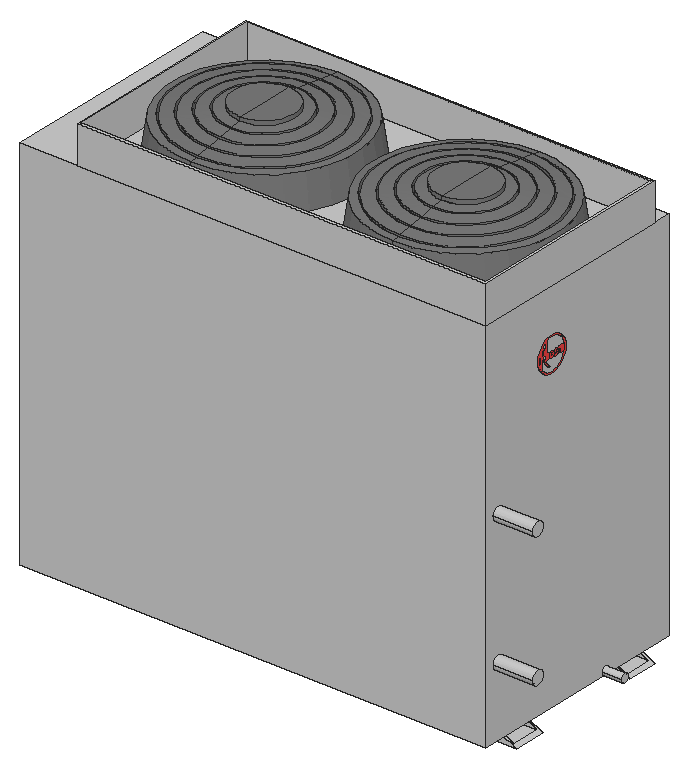
Revit family "Heat Pump-Rheem-A2W-16kW-Vertical A", category Mechanical Equipment, Revit 2016
Family settings
  Part Type = Normal
  Round Connector Dimension = Use Radius
  OmniClass Number = 23.75.10.21
  OmniClass Title = Heat Pumps
  Work Plane-Based = No
  Always vertical = Yes
  Cut with Voids When Loaded = No
  Shared = No
  Room Calculation Point = No
Parameters (values of type "95201600")
  calcRightFanOffset = if(Show Fan Frame, 256 mm, 255 mm)  # 256 mm
  calcLeftFanOffset = if(Show Fan Frame, 280 mm, 281 mm)  # 280 mm
  calcFanGuardDepth = if(Show Fan Frame, 117 mm, 27 mm)  # 117 mm
  Width_ANZRS = 565 mm  # constant formula
  Wattage_ANZRS = 16 kW  # constant formula
  Voltage_ANZRS = 230 V
  URL = "https://www.rheem.com.au/products/commercial/commercial-heat-pumps"
  Type Comments = ""
  SupportInsetSide = 68 mm  # constant formula
  Show Fan Frame = yes
  ProductCode_ANZRS = "95201600"
  PowerFactor_ANZRS = 1
  PipeInsetSide = 35 mm  # constant formula
  OutletPipeDiameter = 32 mm  # constant formula
  calcOutletPipeRad = if(1 = 1, OutletPipeDiameter / 2, 0 mm)  # 16 mm
  Model = "Rheem Commercial Air to Water Heat Pump – 16kW Vertical Discharge & Ducted"
  Material_ANZRS = Rheem-Steel-Grey
  Manufacturer = "Rheem"  # constant formula
  Length_ANZRS = 1155 mm  # constant formula
  InletPipeDiameter = 32 mm  # constant formula
  calcInletPipeRadius = if(1 = 1, InletPipeDiameter / 2, 0 mm)  # 16 mm
  Height_ANZRS = if(Show Fan Frame, 1102 mm, 1011 mm)  # 1102 mm
  Description = "Rheem's Commercial Air to Water (A2W) Heat Pump is designed with the commercial user in mind. A truly commercial grade heat pump that delivers hot water at 65°C with a system Coefficient of Performance (COP) up to 4.0. Ducted models are designed to be connected to ducting to convey cold discharge air away from the heat pump air inlet if a sufficient supply of heat energy is not available in the installation area."
  CreatedBy_ANZRS = "Design Content"  # constant formula
  CreatedByURL_ANZRS = "https://www.designcontent.com.au/"
  Assembly Code = ""
  ApparentLoad_ANZRS = Wattage_ANZRS  # 16 kW
Types (2, lengths in mm): name | calcRightFanOffset | calcLeftFanOffset | calcFanGuardDepth | Show Fan Frame | ProductCode_ANZRS | Model | Height_ANZRS | Description
  95301600 | 255 | 281 | 27 | no | "95301600" | "Rheem Commercial Air to Water Heat Pump – 16kW Vertical Discharge & Non Ducted" | 1011 | "Rheem's Commercial Air to Water (A2W) Heat Pump is designed with the commercial user in mind. A truly commercial grade heat pump that delivers hot water at 65°C with a system Coefficient of Performance (COP) up to 4.0. Non ducted models are generally designed for outdoor installations. Non ducted models may be installed indoors, without ducting, if a sufficient supply of heat energy is available."
  95201600 | 256 | 280 | 117 | yes | "95201600" | "Rheem Commercial Air to Water Heat Pump – 16kW Vertical Discharge & Ducted" | 1102 | "Rheem's Commercial Air to Water (A2W) Heat Pump is designed with the commercial user in mind. A truly commercial grade heat pump that delivers hot water at 65°C with a system Coefficient of Performance (COP) up to 4.0. Ducted models are designed to be connected to ducting to convey cold discharge air away from the heat pump air inlet if a sufficient supply of heat energy is not available in the installation area."
Reference planes
  plane 1 "Center (Front/Back)": y = 0
  plane 2: z = 0
  plane 3 "Center (Left/Right)": x = 0
  plane 4 "Back": y = 282.5
  plane 5 "Front": y = -282.5
  plane 6 "Left": x = -577.5
  plane 7 "Right": x = 577.5
  plane 8: z = 49
  plane 9 "HEIGHT": z = 984
  plane 10 "Inlet": z = 223.5
  plane 11 "Outlet": z = 553.5
  plane 12: y = 280.5
  plane 13: x = 524.5
  plane 14: x = -472.5
  plane 15: x = 677.5
  plane 16 "Pipe Connectors": y = -247.5
  plane 17: x = -434.5
  plane 18: y = -214.5
  plane 19: y = 214.5
  plane 20 "CompAccess1": y = 143.5
  plane 21 "CompAccess2": y = -228.5
  plane 22: z = 24.5
  plane 23: x = 627.5
  plane 24: x = 598.5
  plane 25: z = 1078
Forms (mm)
  Extrusion 1, solid, material "Rheem-Steel-Grey" <- "Material_ANZRS", detail levels medium+fine
    sketch origin (0, 0, 0) x (1, 0, 0) y (0, 1, 0)
      loop
        line (-577.5, 280.5) -> (-577.5, -282.5) -> (577.5, -282.5) -> (577.5, 280.5) -> (-577.5, 280.5)
    from 49 to 984
  Extrusion 2, solid, material "Rheem-Steel-Grey" <- "Material_ANZRS", detail levels medium+fine
    sketch origin (0, 0, 0) x (1, 0, 0) y (0, 0, 1)
      loop
        line (-577.5, 984) -> (-577.5, 49) -> (-14.281, 49) -> (577.5, 49) -> (577.5, 984) -> (-577.5, 984)
      loop
        line (-472.5, 69) -> (6, 69) -> (6, 964) -> (-472.5, 964) -> (-472.5, 69)
      loop
        line (524.5, 964) -> (46, 964) -> (46, 69) -> (524.5, 69) -> (524.5, 964)
    from -282.5 to -280.5
  Extrusion 3, solid, material "Rheem-Steel-Grey" <- "Material_ANZRS"
    sketch origin (0, 111.908, 381.979) x (0, -1, 0) y (0, 0, 1)
      loop
        circle (359.408, -158.479) r 16
      loop
        circle (359.408, 171.521) r 16
    from -577.5 to -677.5
  Extrusion 4, solid, material "Rheem-Steel-Grey" <- "Material_ANZRS", visible <- "Show Fan Frame"
    sketch origin (0, -623.5, 984) x (-1, 0, 0) y (0, -1, 0)
      loop
        line (434.5, -862) -> (434.5, -341) -> (-577.5, -341) -> (-577.5, -862) -> (434.5, -862)
      loop
        line (429.5, -857) -> (429.5, -346) -> (-572.5, -346) -> (-572.5, -857) -> (429.5, -857)
    from 0 to 94
  Extrusion 5, solid, material "Rheem-Steel-Grey" <- "Material_ANZRS", detail levels medium+fine
    sketch origin (0, 0, 0) x (1, 0, 0) y (0, 0, 1)
      loop
        line (-577.5, 5) -> (-602.5, 5) -> (-602.5, 0) -> (-572.5, 0) -> (-572.5, 19.5) -> (-502.5, 19.5) -> (-502.5, 0) -> (-472.5, 0) -> (-472.5, 5) -> (-497.5, 5) -> (-497.5, 24.5) -> (-577.5, 24.5) -> (-577.5, 5)
    from -214.5 to 214.5
  Extrusion 6, solid, material "Rheem-Steel-Grey-Perforated", detail levels medium+fine
    sketch origin (-575, 357.5, 0) x (1, 0, 0) y (0, 0, -1)
      loop
        line (1099.5, -964) -> (1099.5, -69) -> (621, -69) -> (621, -964) -> (1099.5, -964)
      loop
        line (102.5, -69) -> (102.5, -964) -> (581, -964) -> (581, -69) -> (102.5, -69)
    from -77 to -75
  Extrusion 7, solid, material "Rheem-Steel-Grey" <- "Material_ANZRS"
    sketch origin (577.5, 0, 0) x (0, -1, 0) y (0, 0, -1)
      loop
        circle (-84.5, -59) r 10
    from 0 to 50
  Extrusion 8, solid, detail levels medium+fine
    sketch origin (-577.5, 0, 0) x (0, -1, 0) y (0, 0, 1)
      loop
        circle (255.5, 703.5) r 15
      loop
        circle (255.5, 653.5) r 15
      loop
        circle (255.5, 603.5) r 15
      loop
        circle (255.5, 553.5) r 15
    from 0 to 5
  Extrusion 9, solid, material "Rheem-Steel-Grey" <- "Material_ANZRS", detail levels coarse
    sketch origin (0, 0, 984) x (-1, 0, 0) y (0, -1, 0)
      loop
        line (577.5, -282.5) -> (577.5, 282.5) -> (-577.5, 282.5) -> (-577.5, -282.5) -> (577.5, -282.5)
    from -984 to 0
  Extrusion 10, solid, material "Rheem-Steel-Grey" <- "Material_ANZRS", detail levels medium+fine
    sketch origin (0, 0, 0) x (0, 1, 0) y (0, 0, 1)
      loop
        line (239.5, 49) -> (209.5, 49) -> (209.5, 29.5) -> (139.481, 29.5) -> (139.481, 49) -> (109.395, 49) -> (109.395, 44) -> (134.395, 44) -> (134.395, 24.5) -> (214.5, 24.5) -> (214.5, 44) -> (239.5, 44) -> (239.5, 49)
      loop
        line (-109.395, 49) -> (-139.395, 49) -> (-139.395, 29.5) -> (-209.414, 29.5) -> (-209.414, 49) -> (-239.5, 49) -> (-239.5, 44) -> (-214.5, 44) -> (-214.5, 24.5) -> (-134.395, 24.5) -> (-134.395, 44) -> (-109.395, 44) -> (-109.395, 49)
    from -577.5 to 598.5
  Extrusion 11, void
    sketch origin (0, 0, 0) x (1, 0, 0) y (0, 0, 1)
      loop
        line (-577.5, 24.5) -> (-524.96, 49) -> (-577.5, 49) -> (-577.5, 24.5)
      loop
        line (598.5, 24.5) -> (598.5, 49) -> (545.96, 49) -> (598.5, 24.5)
    from -239.5 to 239.5
Cuts and joins
  Extrusion 11 cuts Extrusion 1
  Extrusion 11 cuts Extrusion 2
  joined: Extrusion 1, Extrusion 2
  Extrusion 11 cuts Extrusion 10
Lines and regions (mm)
  Split face 1
    outline origin (-577.5, 280.5, 984) x (0, 1, 0) y (0, 0, -1)
      loop
        line (-137, 1) -> (-137, 934) -> (-509, 934) -> (-509, 1) -> (-137, 1)
  Split face 2
    outline origin (577.5, 280.5, 49) x (0, 1, 0) y (0, 0, 1)
      loop
        line (-497, 934) -> (-497, 1) -> (-225, 1) -> (-225, 934) -> (-497, 934)
  model lines, style "Heat Pumps", detail levels medium+fine
    curve 1: line (-340, -282.5, 849) -> (340, -282.5, 849)
    curve 2: line (-340, -282.5, 599) -> (340, -282.5, 599)
    curve 3: line (-340, -282.5, 184) -> (340, -282.5, 184)
    curve 4: line (-340, -282.5, 434) -> (340, -282.5, 434)
    curve 5: line (-420, -282.5, 769) -> (-420, -282.5, 679)
    curve 6: line (420, -282.5, 769) -> (420, -282.5, 679)
    curve 7: line (-420, -282.5, 354) -> (-420, -282.5, 264)
    curve 8: line (420, -282.5, 354) -> (420, -282.5, 264)
    curve 9: arc (-420, -282.5, 769) -> (-396.569, -282.5, 825.569) -> (-340, -282.5, 849) r 80
    curve 10: arc (-420, -282.5, 679) -> (-396.569, -282.5, 622.431) -> (-340, -282.5, 599) r 80
    curve 11: arc (340, -282.5, 599) -> (396.569, -282.5, 622.431) -> (420, -282.5, 679) r 80
    curve 12: arc (420, -282.5, 769) -> (396.569, -282.5, 825.569) -> (340, -282.5, 849) r 80
    curve 13: arc (340, -282.5, 434) -> (396.569, -282.5, 410.569) -> (420, -282.5, 354) r 80
    curve 14: arc (420, -282.5, 264) -> (396.569, -282.5, 207.431) -> (340, -282.5, 184) r 80
    curve 15: arc (-340, -282.5, 184) -> (-396.569, -282.5, 207.431) -> (-420, -282.5, 264) r 80
    curve 16: arc (-420, -282.5, 354) -> (-396.569, -282.5, 410.569) -> (-340, -282.5, 434) r 80
Dimensions and locks
  equal spacing: plane 6 "Left", plane 3 "Center (Left/Right)", plane 7 "Right"
  equal spacing: plane 4 "Back", plane 1 "Center (Front/Back)", plane 5 "Front"
  "Width_ANZRS": plane 4 "Back" to plane 5 "Front"
  "Length_ANZRS": plane 6 "Left" to plane 7 "Right"
  locked: plane 10 "Inlet" to plane 22 at 199
  locked: plane 11 "Outlet" to plane 10 "Inlet" at 330
  locked: plane 4 "Back" to plane 12 at 2
  locked: plane 8 to Extrusion 2 sketch curve at 20
  locked: Extrusion 2 sketch curve to plane 9 "HEIGHT" at 20
  locked: plane 15 to plane 7 "Right" at 100
  plane 17 to plane 7 "Right" = 1012 mm
  locked: plane 7 "Right" to Extrusion 4 sketch curve at 5
  locked: Extrusion 4 sketch curve to plane 17 at 5
  "PipeInsetSide": plane 5 "Front" to plane 16 "Pipe Connectors"
  Extrusion 5 sketch curve to plane 6 "Left" to Extrusion 5 sketch curve to Extrusion 5 sketch curve to Extrusion 5 sketch curve to Extrusion 5 sketch curve = 25 mm locked, 5 mm locked, 70 mm locked, 5 mm locked, 25 mm locked
  Extrusion 5 sketch curve to Extrusion 5 sketch curve to plane 2 = 0 mm locked, 5 mm locked
  "SupportInsetSide": plane 5 "Front" to plane 18
  "SupportInsetSide": plane 19 to plane 4 "Back"
  locked: plane 9 "HEIGHT" to Split face 1 sketch curve at 1
  locked: Split face 1 sketch curve to plane 8 at 1
  equal spacing: plane 20 "CompAccess1", nested 1, plane 21 "CompAccess2"
  plane 20 "CompAccess1" to plane 21 "CompAccess2" to plane 5 "Front" = 372 mm locked, 54 mm locked
  locked: plane 13 to plane 7 "Right" at 53
  locked: plane 6 "Left" to plane 14 at 105
  locked: plane 9 "HEIGHT" to plane 8 at 935
  equal spacing: plane 8, plane 22, plane 2
  locked: plane 22 to Extrusion 5 sketch curve at 5
  locked: plane 5 "Front" to Split face 2 sketch curve at 66
  locked: Split face 2 sketch curve to plane 4 "Back" at 227
  locked: plane 9 "HEIGHT" to Split face 2 sketch curve at 1
  locked: Split face 2 sketch curve to plane 8 at 1
  locked: Extrusion 7 sketch curve to plane 8 at 10
  equal spacing: plane 15, plane 23, plane 7 "Right"
  equal spacing: plane 21 "CompAccess2", Extrusion 8 sketch curve, plane 5 "Front"
  locked: plane 9 "HEIGHT" to nested 1 at 150
  locked: plane 8 to Extrusion 10 sketch curve at 5  (x2)
  locked: Extrusion 10 sketch curve to plane 22 at 5  (x2)
  Extrusion 10 sketch curve to plane 19 to Extrusion 10 sketch curve to Extrusion 10 sketch curve to Extrusion 10 sketch curve to Extrusion 10 sketch curve = 25 mm locked, 5 mm locked, 70.019 mm locked, 5.086 mm locked, 25 mm locked
  Extrusion 10 sketch curve to Extrusion 10 sketch curve to Extrusion 10 sketch curve to Extrusion 10 sketch curve to Extrusion 10 sketch curve to Extrusion 10 sketch curve = 25 mm locked, 5 mm locked, 70.019 mm locked, 5.086 mm locked, 25 mm locked
  locked: plane 6 "Left" to plane 24 at 1176
  plane 9 "HEIGHT" to nested 2 = 150 mm
  equal spacing: Split face 2, nested 2, Split face 2, locked at 136 each
  locked: Extrusion 4 sketch curve to Extrusion 4 sketch curve at 5  (x2)
  nested 3 to nested 4 to plane 7 "Right" = 500 mm locked, 258 mm locked
  equal spacing: Extrusion 4, nested 3, Extrusion 4
  locked: plane 25 to plane 9 "HEIGHT" at 94
  locked: Extrusion 7 sketch curve to plane 4 "Back" at 198
  "calcOutletPipeRad": radius of Extrusion 3 sketch curve
  "calcInletPipeRadius": radius of Extrusion 3 sketch curve
  aligned and locked: level to plane 2
  aligned and locked: Extrusion 1 sketch curve to plane 6 "Left"
  aligned and locked: Extrusion 1 sketch curve to plane 7 "Right"
  aligned and locked: plane 9 "HEIGHT" to Extrusion 1
  aligned and locked: Extrusion 1 to plane 8
  aligned and locked: plane 5 "Front" to Extrusion 1
  aligned and locked: Extrusion 1 sketch curve to plane 12
  aligned and locked: cut or joined group of Extrusion 1, Extrusion 2, Extrusion 11 to plane 12
  aligned and locked: plane 4 "Back" to cut or joined group of Extrusion 1, Extrusion 2, Extrusion 11
  aligned and locked: Extrusion 2 sketch curve to plane 13
  aligned and locked: plane 14 to Extrusion 2 sketch curve
  aligned and locked: Extrusion 4 sketch curve to plane 17
  aligned and locked: plane 7 "Right" to Extrusion 4 sketch curve
  aligned and locked: Extrusion 3 to plane 7 "Right"
  aligned and locked: Extrusion 5 sketch curve to plane 6 "Left"
  aligned and locked: plane 2 to Extrusion 5 sketch curve  (x2)
  aligned and locked: Extrusion 5 to plane 18
  aligned and locked: plane 19 to Extrusion 5
  aligned and locked: Split face 1 sketch curve to plane 21 "CompAccess2"
  aligned and locked: Split face 1 sketch curve to plane 20 "CompAccess1"
  aligned and locked: plane 11 "Outlet" to Extrusion 3 sketch curve
  aligned and locked: plane 16 "Pipe Connectors" to Extrusion 3 sketch curve  (x2)
  aligned and locked: plane 10 "Inlet" to Extrusion 3 sketch curve
  aligned and locked: Extrusion 6 to plane 13
  aligned and locked: plane 14 to Extrusion 6
  aligned and locked: Extrusion 6 to plane 12
  aligned and locked: plane 4 "Back" to Extrusion 6
  aligned and locked: cut or joined group of Extrusion 1, Extrusion 2, Extrusion 11 to Extrusion 6
  aligned and locked: Extrusion 6 to cut or joined group of Extrusion 1, Extrusion 2, Extrusion 11
  aligned and locked: Extrusion 2 sketch curve to Extrusion 6  (x2)
  aligned and locked: Extrusion 5 sketch curve to plane 22
  aligned and locked: Extrusion 7 to cut or joined group of Extrusion 1, Extrusion 2, Extrusion 11
  aligned and locked: plane 23 to Extrusion 7
  aligned and locked: Extrusion 8 to cut or joined group of Extrusion 1, Extrusion 2, Extrusion 11
  aligned and locked: Extrusion 9 sketch curve to plane 4 "Back"
  aligned and locked: Extrusion 9 sketch curve to plane 5 "Front"
  aligned and locked: Extrusion 9 sketch curve to plane 7 "Right"
  aligned and locked: Extrusion 9 sketch curve to plane 6 "Left"
  aligned and locked: Extrusion 9 to plane 2
  aligned and locked: Extrusion 10 sketch curve to plane 22  (x2)
  aligned and locked: plane 6 "Left" to Extrusion 10
  aligned and locked: plane 24 to Extrusion 10
  aligned and locked: plane 6 "Left" to Extrusion 11 sketch curve
  aligned and locked: plane 8 to Extrusion 11 sketch curve
  aligned and locked: Extrusion 11 to cut or joined group of Extrusion 10, Extrusion 11  (x2)
  aligned and locked: Extrusion 4 sketch curve to plane 5 "Front"
  aligned and locked: plane 9 "HEIGHT" to Extrusion 9
  aligned and locked: plane 25 to Extrusion 4
Automatic sketch dimensions
  plane 5 "Front" to Extrusion 1 sketch curve = 0 mm
  plane 6 "Left" to Extrusion 2 sketch curve = 0 mm
  Extrusion 2 sketch curve to plane 8 = 0 mm
  Extrusion 2 sketch curve to plane 7 "Right" = 0 mm
  Extrusion 2 sketch curve to plane 9 "HEIGHT" = 0 mm
  Extrusion 2 sketch curve to plane 3 "Center (Left/Right)" = 14.281 mm
  plane 8 to Extrusion 2 sketch curve = 20 mm
  Extrusion 2 sketch curve to plane 9 "HEIGHT" = 20 mm
  plane 19 to Extrusion 4 sketch curve = 19 mm
  plane 14 to Extrusion 6 sketch curve = 0 mm
  plane 13 to Extrusion 6 sketch curve = 0 mm
  plane 3 "Center (Left/Right)" to Extrusion 6 sketch curve = 6 mm
  Extrusion 6 sketch curve to plane 9 "HEIGHT" = 20 mm  (x2)
  Extrusion 6 sketch curve to Extrusion 6 sketch curve = 40 mm
  plane 8 to Extrusion 6 sketch curve = 20 mm  (x2)
  Extrusion 8 sketch curve to plane 11 "Outlet" = 0 mm
  Extrusion 8 sketch curve to plane 5 "Front" = 27 mm  (x3)
  Extrusion 8 sketch curve to Extrusion 8 sketch curve = 50 mm  (x3)
  Extrusion 10 sketch curve to plane 8 = 0 mm  (x4)
  Extrusion 10 sketch curve to plane 18 = 0 mm
  Extrusion 10 sketch curve to plane 19 = 0 mm
  Extrusion 10 sketch curve to plane 8 = 5 mm  (x2)
  Extrusion 11 sketch curve to plane 8 = 0 mm
  Extrusion 11 sketch curve to plane 22 = 0 mm  (x2)
  Extrusion 11 sketch curve to plane 24 = 0 mm
  plane 14 to Extrusion 11 sketch curve = 52.46 mm
  Extrusion 11 sketch curve to plane 13 = 21.46 mm
  curve 8 to Extrusion 1 = 157.5 mm
  curve 6 to Extrusion 1 = 157.5 mm
  curve 8 to curve 14 = 80 mm
  curve 8 to curve 13 = 80 mm
  curve 6 to curve 1 = 80 mm
  curve 11 to curve 2 = 80 mm
  Extrusion 1 to curve 9 = 237.5 mm
  curve 9 to curve 2 = 0 mm
  Extrusion 1 to curve 3 = 135 mm
  Extrusion 1 to curve 3 = 237.5 mm
  curve 16 to curve 15 = 0 mm
  curve 15 to curve 7 = 80 mm
  curve 10 to curve 5 = 80 mm
  curve 13 to curve 14 = 90 mm
  curve 2 to curve 4 = 165 mm
  curve 9 to curve 10 = 90 mm
  radius of Extrusion 7 sketch curve = 10 mm
  radius of Extrusion 8 sketch curve = 15 mm  (x4)
Nested families
  nested 1: "X_Rheem Logo" at (-577.5, -42.5, 834) x (0, -1, 0) z (-1, 0, 0), type "Standard", detail levels fine
  nested 2: "X_Rheem Logo" at (577.5, -80.5, 834) x (0, 1, 0) z (1, 0, 0), type "Standard", detail levels fine
  nested 3: "X_Rheem_FanGuard" at (-180.5, -22, 984), type "Standard"
    with FanGuardDepth 117 mm
  nested 4: "X_Rheem_FanGuard" at (319.5, -22, 984), type "Standard"
    with FanGuardDepth 117 mm
Connectors
  piping at (677.5, -247.5, 223.5), diameter 32, driven by "calcInletPipeRadius"
    settings: on Extrusion 3, index 9, connector inside diameter 20 mm, connector length 0 mm, flow factor 0, pipe flow 0.0 L/s, pressure drop 0.0 Pa, fitting loss kfactor 0, connector angle 0.00°, fixture units 0, engagement length 0 mm, angle of deflection 0.00°, flow configuration 1, flow direction 1, fitting loss method 0, system type 20, joint type 0, gender type 0, connector reference index -1, connector utility 0, adjustable connector no, is connector primary yes, connector description "Water In"
  piping at (677.5, -247.5, 553.5), diameter 32, driven by "calcOutletPipeRad"
    settings: on Extrusion 3, index 10, connector inside diameter 20 mm, connector length 0 mm, flow factor 0, pipe flow 0.0 L/s, pressure drop 0.0 Pa, fitting loss kfactor 0, connector angle 0.00°, fixture units 0, engagement length 0 mm, angle of deflection 0.00°, flow configuration 1, flow direction 2, fitting loss method 0, system type 19, joint type 0, gender type 0, connector reference index -1, connector utility 0, adjustable connector no, is connector primary no, connector description "Water Out"
  piping at (627.5, 84.5, 59), diameter 20
    settings: on Extrusion 7, index 11, connector inside diameter 609.6 mm, connector length 0 mm, flow factor 0, pipe flow 0.0 L/s, pressure drop 0.0 Pa, fitting loss kfactor 0, connector angle 0.00°, fixture units 0, engagement length 0 mm, angle of deflection 0.00°, flow configuration 1, flow direction 2, fitting loss method 0, system type 16, joint type 0, gender type 0, connector reference index -1, connector utility 0, adjustable connector no, is connector primary no, connector description ""
  electrical at (-577.5, -255.5, 703.5), driven by "Voltage_ANZRS", driven by "ApparentLoad_ANZRS", driven by "PowerFactor_ANZRS"
    settings: on Extrusion 8, index 12, voltage 230 V, apparent load 16 kW, apparent load phase1 0 kW, apparent load phase2 0 kW, apparent load phase3 0 kW, power factor 1, load classification "Power", number of poles 1, system type 30, power factor state 1, is connector primary yes, connector utility no, sub classification motor no, connector description ""
  electrical at (-577.5, -255.5, 653.5), driven by "Voltage_ANZRS", driven by "ApparentLoad_ANZRS", driven by "PowerFactor_ANZRS"
    settings: on Extrusion 8, index 13, voltage 230 V, apparent load 16 kW, apparent load phase1 0 kW, apparent load phase2 0 kW, apparent load phase3 0 kW, power factor 1, load classification "Power", number of poles 1, system type 30, power factor state 1, is connector primary no, connector utility no, sub classification motor no, connector description ""
  electrical at (-577.5, -255.5, 603.5), driven by "Voltage_ANZRS", driven by "ApparentLoad_ANZRS", driven by "PowerFactor_ANZRS"
    settings: on Extrusion 8, index 14, voltage 230 V, apparent load 16 kW, apparent load phase1 0 kW, apparent load phase2 0 kW, apparent load phase3 0 kW, power factor 1, load classification "Power", number of poles 1, system type 30, power factor state 1, is connector primary no, connector utility no, sub classification motor no, connector description ""
  electrical at (-577.5, -255.5, 553.5), driven by "Voltage_ANZRS", driven by "ApparentLoad_ANZRS", driven by "PowerFactor_ANZRS"
    settings: on Extrusion 8, index 15, voltage 230 V, apparent load 16 kW, apparent load phase1 0 kW, apparent load phase2 0 kW, apparent load phase3 0 kW, power factor 1, load classification "Power", number of poles 1, system type 30, power factor state 1, is connector primary no, connector utility no, sub classification motor no, connector description ""
Definition of nested family "X_Rheem Logo"
  Parameters (values of type "Standard")
    Default Elevation = 1219.2 mm
    Assembly Code = ""
  Reference planes
    plane 1 "Center (Front/Back)": y = 0
    plane 2: z = 0
    plane 3 "Center (Left/Right)": x = 0
  Forms (mm)
    Extrusion 1, solid
      sketch origin (0, 0, 0) x (1, 0, 0) y (0, 1, 0)
        loop
          line (-1219.2, 1219.2) -> (-1219.2, -1219.2) -> (1219.2, -1219.2) -> (1219.2, 1219.2) -> (-1219.2, 1219.2)
      from 0 to -304.8
    Extrusion 2, solid
      sketch origin (0, 0, 0) x (1, 0, 0) y (0, 1, 0)
        loop
          arc (-33.529, -21.813) -> (38.36, -11.338) -> (-16.283, 36.536) r 40
          line (-16.283, 36.536) -> (-16.283, 5.397)
          arc (-16.283, 5.397) -> (-14.75, 6.901) -> (-12.662, 7.405) r 4.033
          arc (-12.662, 7.405) -> (-9.852, 6.403) -> (-8.561, 3.712) r 3.918
          line (-8.561, 3.712) -> (-8.561, -8.033) -> (-11.525, -8.033) -> (-11.525, 1.806)
          arc (-11.525, 1.806) -> (-12.858, 4.057) -> (-15.428, 3.572) r 2.279
          arc (-15.428, 3.572) -> (-15.988, 2.759) -> (-16.246, 1.806) r 2.925
          line (-16.246, 1.806) -> (-16.246, -8.079) -> (-19.645, -8.079) -> (-19.645, 34.843)
          arc (-19.645, 34.843) -> (-26.644, 29.834) -> (-32.41, 23.444) r 40
          arc (-32.41, 23.444) -> (-21.103, 13.87) -> (-28.782, 1.2) r 11.411
          line (-28.782, 1.2) -> (-7.321, -24.919) -> (-11.462, -24.919) -> (-31.83, -0.131) -> (-31.83, -21.813) -> (-33.529, -21.813)
        loop
          line (-35.017, -19.335) -> (-35.017, 19.335)
          arc (-35.017, 19.335) -> (-40, 0) -> (-35.017, -19.335) r 40
        loop
          line (19.37, -8.097) -> (22.563, -8.097) -> (22.563, 2.258)
          spline (22.563, 2.258) -> (22.878, 3.103) -> (23.24, 3.526) -> (23.639, 3.818) -> (24.082, 3.997) -> (24.556, 4.074) -> (25.034, 4.068) -> (25.491, 3.983) -> (25.903, 3.817) -> (26.238, 3.56) -> (26.492, 3.191) -> (26.717, 2.639) -> (26.9, 1.6)
          line (26.9, 1.6) -> (26.9, -8.097) -> (29.854, -8.097) -> (29.854, 2.258)
          spline (29.854, 2.258) -> (30.181, 3.064) -> (30.553, 3.474) -> (30.969, 3.74) -> (31.419, 3.936) -> (31.889, 4.059) -> (32.364, 4.078) -> (32.821, 3.995) -> (33.233, 3.826) -> (33.568, 3.567) -> (33.822, 3.195) -> (34.048, 2.639) -> (34.231, 1.594)
          line (34.231, 1.594) -> (34.231, -8.097) -> (37.174, -8.097) -> (37.174, 3.718)
          spline (37.174, 3.718) -> (36.65, 5.383) -> (35.957, 6.159) -> (35.415, 6.563) -> (34.941, 6.826) -> (34.394, 7.032) -> (33.695, 7.17) -> (32.91, 7.2) -> (32.152, 7.119) -> (31.53, 6.952) -> (31.006, 6.67) -> (30.429, 6.179) -> (29.566, 5.166)
          spline (29.566, 5.166) -> (28.777, 6.078) -> (28.276, 6.494) -> (27.782, 6.788) -> (27.231, 7.014) -> (26.621, 7.177) -> (26.085, 7.261) -> (25.622, 7.26) -> (25.015, 7.185) -> (24.376, 7.012) -> (23.849, 6.722) -> (23.308, 6.304) -> (22.552, 5.275)
          line (22.552, 5.275) -> (22.552, 6.926) -> (19.37, 6.926) -> (19.37, -8.097)
        loop
          line (-4.051, 1.414) -> (2.029, 1.414)
          spline (2.029, 1.414) -> (1.473, 2.786) -> (1.087, 3.377) -> (0.673, 3.834) -> (0.205, 4.224) -> (-0.271, 4.485) -> (-0.868, 4.588) -> (-1.527, 4.548) -> (-2.06, 4.356) -> (-2.438, 4.033) -> (-2.865, 3.608) -> (-3.384, 2.906) -> (-4.051, 1.414)
        loop
          line (-4.095, -1.507) -> (5.029, -1.507)
          spline (5.029, -1.507) -> (4.769, 1.886) -> (4.1, 3.692) -> (3.083, 5.302) -> (1.664, 6.502) -> (-0.127, 7.316) -> (-1.72, 7.317) -> (-3.497, 6.614) -> (-4.898, 5.44) -> (-6.016, 3.817) -> (-6.693, 1.944) -> (-6.954, 0.058) -> (-6.657, -3.194)
          spline (-6.657, -3.194) -> (-5.711, -5.424) -> (-4.777, -6.63) -> (-3.808, -7.465) -> (-2.878, -7.994) -> (-1.873, -8.306) -> (-0.773, -8.411) -> (0.288, -8.278) -> (1.264, -7.907) -> (2.23, -7.346) -> (3.148, -6.594) -> (4.02, -5.578) -> (4.876, -3.596)
          line (4.876, -3.596) -> (1.705, -3.596)
          spline (1.705, -3.596) -> (0.883, -4.78) -> (0.307, -5.189) -> (-0.248, -5.429) -> (-0.802, -5.54) -> (-1.305, -5.525) -> (-1.909, -5.294) -> (-2.514, -4.923) -> (-2.921, -4.547) -> (-3.253, -4.098) -> (-3.591, -3.486) -> (-3.885, -2.641) -> (-4.095, -1.507)
        loop
          line (8.984, 1.152) -> (15.064, 1.152)
          spline (15.064, 1.152) -> (14.509, 2.524) -> (14.123, 3.116) -> (13.708, 3.573) -> (13.241, 3.962) -> (12.764, 4.224) -> (12.168, 4.327) -> (11.508, 4.287) -> (10.975, 4.095) -> (10.598, 3.771) -> (10.171, 3.347) -> (9.652, 2.645) -> (8.984, 1.152)
        loop
          line (8.973, -1.54) -> (18.097, -1.54)
          spline (18.097, -1.54) -> (17.837, 1.853) -> (17.168, 3.659) -> (16.151, 5.269) -> (14.732, 6.469) -> (12.941, 7.283) -> (11.348, 7.285) -> (9.571, 6.581) -> (8.17, 5.407) -> (7.052, 3.785) -> (6.375, 1.911) -> (6.114, 0.026) -> (6.412, -3.226)
          spline (6.412, -3.226) -> (7.357, -5.456) -> (8.291, -6.663) -> (9.26, -7.498) -> (10.191, -8.027) -> (11.195, -8.339) -> (12.295, -8.444) -> (13.356, -8.311) -> (14.332, -7.939) -> (15.298, -7.379) -> (16.217, -6.626) -> (17.088, -5.61) -> (17.944, -3.629)
          line (17.944, -3.629) -> (14.773, -3.629)
          spline (14.773, -3.629) -> (13.951, -4.813) -> (13.375, -5.222) -> (12.82, -5.462) -> (12.266, -5.573) -> (11.763, -5.557) -> (11.159, -5.326) -> (10.555, -4.955) -> (10.147, -4.58) -> (9.816, -4.131) -> (9.477, -3.519) -> (9.183, -2.673) -> (8.973, -1.54)
        loop
          circle (0, 0) r 43
        loop
          arc (-31.817, 3.841) -> (-24.154, 12.033) -> (-31.817, 20.226) r 8.211
          line (-31.817, 20.226) -> (-31.817, 3.841)
      from 0 to 1
  Dimensions and locks
    aligned and locked: plane 2 to Extrusion 1
    aligned and locked: level to Extrusion 1
Definition of nested family "X_Rheem_FanGuard"
  Parameters (values of type "Standard")
    Material = none
    FanGuardRad = 240 mm
    FanGuardHead = 10 mm
    FanGuardDepth = 133 mm
    Default Elevation = 1219.2 mm
  Reference planes
    plane 1 "Center (Front/Back)": y = 0
    plane 2: z = 0
    plane 3 "Center (Left/Right)": x = 0
    plane 4: z = 133
    plane 5: z = 123
    plane 6: y = 240
    plane 7: z = 66.5
    plane 8: z = 94.75
  Forms (mm)
    Extrusion 1, solid
      sketch origin (0, 0, 0) x (1, 0, 0) y (0, 1, 0)
        loop
          line (-1219.2, 1219.2) -> (-1219.2, -1219.2) -> (1219.2, -1219.2) -> (1219.2, 1219.2) -> (-1219.2, 1219.2)
      from 0 to -304.8
    Revolve 2, solid, material <- "Material", detail levels fine
      sketch origin (0, 0, 0) x (0, 1, 0) y (0, 0, 1)
        loop
          line (0, 133) -> (0, 0) -> (240, 0) -> (227.216, 94.75) -> (75, 123) -> (75, 133) -> (0, 133)
        axis (0, 133) -> (0, 0)
      angle from 0 to 360
    Extrusion 3, void
      sketch origin (0, 0, 0) x (1, 0, 0) y (0, 1, 0)
        loop
          circle (0, 0) r 100
        loop
          circle (0, 0) r 105
        loop
          circle (0, 0) r 135
        loop
          circle (0, 0) r 140
        loop
          circle (0, 0) r 170
        loop
          circle (0, 0) r 175
        loop
          circle (0, 0) r 205
        loop
          circle (0, 0) r 210
        loop
          circle (0, 0) r 240
        loop
          circle (0, 0) r 245
        loop
          circle (0, 0) r 275
        loop
          circle (0, 0) r 280
      from 0 to 133
    Extrusion 4, solid, material <- "Material", detail levels coarse+medium
      sketch origin (0, 0, 0) x (1, 0, 0) y (0, 1, 0)
        loop
          circle (0, 0) r 240
      from 0 to 133
  Cuts and joins
    Extrusion 3 cuts Revolve 2
  Dimensions and locks
    "FanGuardRad": plane 6 to plane 1 "Center (Front/Back)"
    "FanGuardDepth": plane 4 to plane 2
    "FanGuardHead": plane 4 to plane 5
    equal spacing: plane 4, plane 7, plane 2
    equal spacing: plane 5, plane 8, plane 7
    locked: plane 6 to Revolve 2 sketch curve at 12.784
    "FanGuardRad": radius of Extrusion 4 sketch curve
    aligned and locked: plane 2 to Extrusion 1
    aligned and locked: level to Extrusion 1
    aligned and locked: Revolve 2 sketch curve to plane 1 "Center (Front/Back)"
    aligned and locked: plane 4 to Extrusion 3
    aligned and locked: Extrusion 3 to level
    aligned and locked: plane 3 "Center (Left/Right)" to Extrusion 4 sketch curve
    aligned and locked: plane 1 "Center (Front/Back)" to Extrusion 4 sketch curve
    aligned and locked: Extrusion 4 to plane 4
    aligned and locked: Extrusion 4 to level
    aligned and locked: plane 8 to Revolve 2 sketch curve
  Automatic sketch dimensions
    Extrusion 1 sketch curve to Extrusion 1 sketch curve = 2438.4 mm  (x2)
    plane 1 "Center (Front/Back)" to Extrusion 3 sketch curve = 0 mm
    Extrusion 3 sketch curve to plane 3 "Center (Left/Right)" = 0 mm
    Revolve 2 sketch curve to plane 1 "Center (Front/Back)" = 0 mm
    Revolve 2 sketch curve to plane 4 = 0 mm
    Revolve 2 sketch curve to plane 5 = 0 mm
    Revolve 2 sketch curve to level = 0 mm
    Revolve 2 sketch curve to plane 6 = 0 mm
    Revolve 2 sketch curve to Revolve 2 sketch curve = 75 mm
    Revolve 2 sketch curve to Revolve 2 sketch curve = 500 mm
    Revolve 2 sketch curve to Revolve 2 sketch curve = 100 mm
    radius of Extrusion 3 sketch curve = 100 mm
